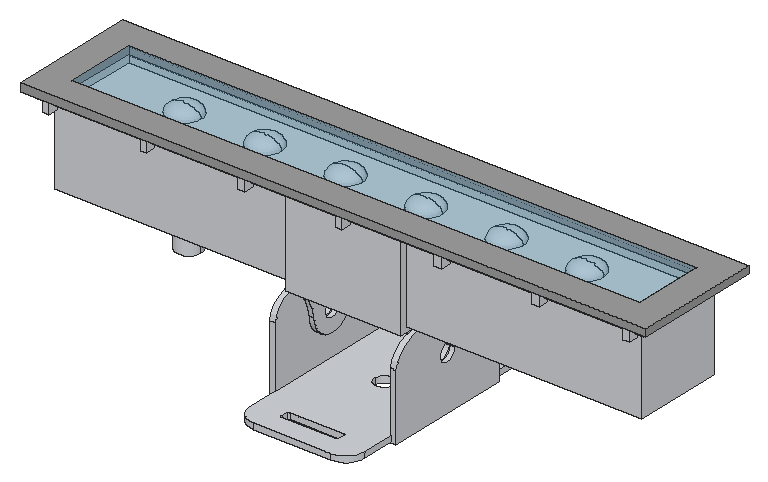
Revit family "POOL SPOT LINEAL 18W_U2418SW.2.30", category Luminarias, Revit 2019
Family settings
  Cota de conector redondo = Diámetro de uso
  Tipo de pieza = Normal
  Se basa en plano de trabajo = Sí
  Siempre vertical = No
  Corte con vacíos al cargar = No
  Origen de luz = Sí
  Compartido = No
  Punto de cálculo de habitación = No
Parameters (values of type "SUB_U2418SW.2.30")
  Ángulo de inclinación = 60.00°
  Ángulo de enfoque = 30.00°
  Ángulo de campo de foco = 30.00°
  Zone [instance] = ""
  Watt per fixture = 22.8
  Wattage = 22.8 W
  built-in parameter 1150107 = 3000 (stored number, unit not read)
  built-in parameter 1150110 = 1 (stored number, unit not read)
  built-in parameter 1150109 = 1 (stored number, unit not read)
  built-in parameter 1150112 = 1 (stored number, unit not read)
  built-in parameter 1150113 = 1 (stored number, unit not read)
  built-in parameter 1114218 = 1 (stored number, unit not read)
  Keynote = ""
  built-in parameter 1150137 = (empty or 0)
  built-in parameter 1150132 = (empty or 0)
  Modelo = "U2418SW.2.30"
  Lámpara = "NICHIA"
  Longitud de símbolo de origen de luz = 500 mm
  Emit from Line Length = 609.6 mm
  built-in parameter 1150105 = 4426.9 (stored number, unit not read)
  built-in parameter 1150102 = (empty or 0)
  built-in parameter 1150106 = 44.269 (stored number, unit not read)
  Lumens = 1324 lm
  Color Filter = 16777215
  built-in parameter 1114217 = 1 (stored number, unit not read)
  built-in parameter 1150139 = (empty or 0)
  Fabricante = "BRILLANT"
  Default Elevation = 0 mm
  built-in parameter 1150104 = 5.3949 (stored number, unit not read)
  Descripción = "LUMINARIA SUB ACUATICA TIPO LINEAL, MIDIENDO 326MM DE LARGO POR 100MM INCLUYENDO ALETA PARA DIRIGIR, ACABADO EN ACERO INOXIDABLE, SELLO EN SILICON Y CUERPO MOLDEADO EN CROMO, 6 LED TIPO NICHIA CON UN CONSUMO TOTAL DE 22.8W, 1324 LUMENES, IP 68, IRC 80, IK 10, SUMERGIBLE MAXIMO 2M, CABLE H05RN DE 3M, APERTURA EN STOCK A 30 GRADOS, ALIMENTADA A 24V. REQUIERE ACCESORIOS."
  built-in parameter 1150115 = 1 (stored number, unit not read)
  built-in parameter 1150114 = 1 (stored number, unit not read)
  Comentarios de vataje = "24V"
  built-in parameter 1150138 = (empty or 0)
  built-in parameter 1150134 = (empty or 0)
  Circuit [instance] = ""
  Dimming Lamp Color Temperature Shift = (empty or 0)
  built-in parameter 1150133 = 10 (stored number, unit not read)
Reference planes
  plane 1 "Centro (Frontal/Posterior)": y = 0
  plane 2: z = 0
  plane 3 "Centro (Izquierda/Derecha)": x = 0
  plane 4: x = -163
  plane 5: x = 163
  plane 6: z = 100
  plane 7: y = 33.5
  plane 8: y = -33.5
  plane 9: y = 28.5
  plane 10: y = -28.5
  plane 11: x = -158
  plane 12: x = 158
  plane 13: y = 23.5
  plane 14: y = -23.5
  plane 15: x = -153
  plane 16: x = 153
  plane 17: x = -30
  plane 18: x = 30
  plane 19: x = 33
  plane 20: x = -33
  plane 21: y = 60
  plane 22: y = -60
  plane 23: z = 3
  plane 24: x = 27
  plane 25: x = -27
  plane 26: x = -102
  plane 27: x = -51
  plane 28: x = 0
  plane 29: x = 51
  plane 30: x = 102
  plane 31: x = 153
  plane 32: x = -148
  plane 33: y = 18.5
  plane 34: y = -18.5
  plane 35: x = 148
  plane 36: x = 105.714
Forms (mm)
  Extrusion 1, solid, material "Aluminio"
    sketch origin (0, 0, 0) x (1, 0, 0) y (0, 1, 0)
      loop
        line (-163, 33.5) -> (-163, -33.5) -> (163, -33.5) -> (163, 33.5) -> (-163, 33.5)
    from 95.844 to 100
  Extrusion 2, solid
    sketch origin (0, 30, 0) x (1, 0, 0) y (0, 1, 0)
      loop
        line (-158, -1.5) -> (-158, -58.5) -> (158, -58.5) -> (158, -1.5) -> (-158, -1.5)
    from 92.128 to 95.844
  Extrusion 3, solid
    sketch origin (0, 31.5, -30) x (1, 0, 0) y (0, 1, 0)
      loop
        line (-153, -8) -> (-153, -55) -> (153, -55) -> (153, -8) -> (-153, -8)
    from 79.683 to 122.128
  Extrusion 4, solid
    sketch origin (0, 0, 0) x (0, 1, 0) y (0, 0, 1)
      loop
        spline (33.5, 34.683) -> (32.359, 38.565) -> (29.012, 42.183) -> (23.688, 45.289) -> (16.75, 47.673) -> (8.67, 49.172) -> (0, 49.683) -> (-8.67, 49.172) -> (-16.75, 47.673) -> (-23.688, 45.289) -> (-29.012, 42.183) -> (-32.359, 38.565) -> (-33.5, 34.683)
        line (-33.5, 34.683) -> (-33.5, 0) -> (33.5, 0) -> (33.5, 34.683)
      loop
        circle (0, 28.752) r 5
    from 30 to 33
  Extrusion 5, solid
    sketch origin (0, 0, 0) x (0, 1, 0) y (0, 0, 1)
      loop
        spline (33.5, 34.683) -> (32.359, 38.565) -> (29.012, 42.183) -> (23.688, 45.289) -> (16.75, 47.673) -> (8.67, 49.172) -> (0, 49.683) -> (-8.67, 49.172) -> (-16.75, 47.673) -> (-23.688, 45.289) -> (-29.012, 42.183) -> (-32.359, 38.565) -> (-33.5, 34.683)
        line (-33.5, 34.683) -> (-33.5, 0) -> (33.5, 0) -> (33.5, 34.683)
      loop
        circle (0, 28.752) r 5
    from -33 to -30
  Extrusion 6, solid
    sketch origin (0, 0, 0) x (1, 0, 0) y (0, 1, 0)
      loop
        arc (-20, 60) -> (-27.071, 57.071) -> (-30, 50) r 10
        line (-30, 50) -> (-30, -50)
        arc (-30, -50) -> (-27.071, -57.071) -> (-20, -60) r 10
        line (-20, -60) -> (20, -60)
        arc (20, -60) -> (27.071, -57.071) -> (30, -50) r 10
        line (30, -50) -> (30, 50)
        arc (30, 50) -> (27.071, 57.071) -> (20, 60) r 10
        line (20, 60) -> (-20, 60)
      loop
        arc (-14.082, 49.167) -> (-14.731, 48.898) -> (-15, 48.249) r 0.918
        line (-15, 48.249) -> (-15, 45.085)
        arc (-15, 45.085) -> (-14.731, 44.436) -> (-14.082, 44.167) r 0.918
        line (-14.082, 44.167) -> (14.082, 44.167)
        arc (14.082, 44.167) -> (14.731, 44.436) -> (15, 45.085) r 0.918
        line (15, 45.085) -> (15, 48.249)
        arc (15, 48.249) -> (14.731, 48.898) -> (14.082, 49.167) r 0.918
        line (14.082, 49.167) -> (-14.082, 49.167)
      loop
        line (-14.082, -49.167) -> (14.082, -49.167)
        arc (14.082, -49.167) -> (14.731, -48.898) -> (15, -48.249) r 0.918
        line (15, -48.249) -> (15, -45.085)
        arc (15, -45.085) -> (14.731, -44.436) -> (14.082, -44.167) r 0.918
        line (14.082, -44.167) -> (-14.082, -44.167)
        arc (-14.082, -44.167) -> (-14.731, -44.436) -> (-15, -45.085) r 0.918
        line (-15, -45.085) -> (-15, -48.249)
        arc (-15, -48.249) -> (-14.731, -48.898) -> (-14.082, -49.167) r 0.918
      loop
        circle (0, 0) r 5
    from 0 to 3
  Extrusion 7, solid
    sketch origin (0, 0, 0) x (0, 1, 0) y (0, 0, 1)
      loop
        line (23.5, 49.683) -> (-23.5, 49.683) -> (-23.5, 46.683)
        arc (-23.5, 46.683) -> (-15.74, 39.006) -> (-12, 28.752) r 24.95
        arc (-12, 28.752) -> (-1.046, 16.798) -> (11.818, 26.668) r 12
        arc (11.818, 26.668) -> (15.194, 38.114) -> (23.5, 46.683) r 24.95
        line (23.5, 46.683) -> (23.5, 49.683)
      loop
        circle (0, 28.752) r 5
    from -30 to -27
  Extrusion 8, solid
    sketch origin (0, 0, 0) x (0, 1, 0) y (0, 0, 1)
      loop
        line (23.5, 49.683) -> (-23.5, 49.683) -> (-23.5, 46.683)
        arc (-23.5, 46.683) -> (-15.74, 39.006) -> (-12, 28.752) r 24.95
        arc (-12, 28.752) -> (-1.046, 16.798) -> (11.818, 26.668) r 12
        arc (11.818, 26.668) -> (15.194, 38.114) -> (23.5, 46.683) r 24.95
        line (23.5, 46.683) -> (23.5, 49.683)
      loop
        circle (0, 28.752) r 5
    from 27 to 30
  Extrusion 9, solid
    sketch origin (0, 0, 0) x (0, 1, 0) y (0, 0, 1)
      loop
        line (26.5, 92.128) -> (23.5, 92.128) -> (23.5, 49.683) -> (-23.5, 49.683) -> (-23.5, 92.128) -> (-26.5, 92.128) -> (-26.5, 46.683) -> (26.5, 46.683) -> (26.5, 92.128)
    from -30 to 30
  Extrusion 10, solid
    sketch origin (0, 0, 0) x (0, 1, 0) y (0, 0, 1)
      loop
        line (-28.5, 95.844) -> (-31.5, 95.844) -> (-31.5, 89.128) -> (-26.5, 89.128) -> (-26.5, 92.128) -> (-28.5, 92.128) -> (-28.5, 95.844)
      loop
        line (28.5, 95.844) -> (28.5, 92.128) -> (26.5, 92.128) -> (26.5, 89.128) -> (31.5, 89.128) -> (31.5, 95.844) -> (28.5, 95.844)
    from -153 to -149.64
  Extrusion 11, solid
    sketch origin (0, 0, 0) x (0, 1, 0) y (0, 0, 1)
      loop
        line (-28.5, 95.844) -> (-31.5, 95.844) -> (-31.5, 89.128) -> (-26.5, 89.128) -> (-26.5, 92.128) -> (-28.5, 92.128) -> (-28.5, 95.844)
      loop
        line (28.5, 95.844) -> (28.5, 92.128) -> (26.5, 92.128) -> (26.5, 89.128) -> (31.5, 89.128) -> (31.5, 95.844) -> (28.5, 95.844)
    from 102 to 106.134
  Extrusion 12, solid
    sketch origin (0, 0, 0) x (0, 1, 0) y (0, 0, 1)
      loop
        line (-28.5, 95.844) -> (-31.5, 95.844) -> (-31.5, 89.128) -> (-26.5, 89.128) -> (-26.5, 92.128) -> (-28.5, 92.128) -> (-28.5, 95.844)
      loop
        line (28.5, 95.844) -> (28.5, 92.128) -> (26.5, 92.128) -> (26.5, 89.128) -> (31.5, 89.128) -> (31.5, 95.844) -> (28.5, 95.844)
    from 51 to 55.205
  Extrusion 13, solid
    sketch origin (0, 0, 0) x (0, 1, 0) y (0, 0, 1)
      loop
        line (-28.5, 95.844) -> (-31.5, 95.844) -> (-31.5, 89.128) -> (-26.5, 89.128) -> (-26.5, 92.128) -> (-28.5, 92.128) -> (-28.5, 95.844)
      loop
        line (28.5, 95.844) -> (28.5, 92.128) -> (26.5, 92.128) -> (26.5, 89.128) -> (31.5, 89.128) -> (31.5, 95.844) -> (28.5, 95.844)
    from 0 to 3.249
  Extrusion 14, solid
    sketch origin (0, 0, 0) x (0, 1, 0) y (0, 0, 1)
      loop
        line (-28.5, 95.844) -> (-31.5, 95.844) -> (-31.5, 89.128) -> (-26.5, 89.128) -> (-26.5, 92.128) -> (-28.5, 92.128) -> (-28.5, 95.844)
      loop
        line (28.5, 95.844) -> (28.5, 92.128) -> (26.5, 92.128) -> (26.5, 89.128) -> (31.5, 89.128) -> (31.5, 95.844) -> (28.5, 95.844)
    from -51 to -47.362
  Extrusion 15, solid
    sketch origin (0, 0, 0) x (0, 1, 0) y (0, 0, 1)
      loop
        line (-28.5, 95.844) -> (-31.5, 95.844) -> (-31.5, 89.128) -> (-26.5, 89.128) -> (-26.5, 92.128) -> (-28.5, 92.128) -> (-28.5, 95.844)
      loop
        line (28.5, 95.844) -> (28.5, 92.128) -> (26.5, 92.128) -> (26.5, 89.128) -> (31.5, 89.128) -> (31.5, 95.844) -> (28.5, 95.844)
    from -102 to -98.888
  Extrusion 16, solid
    sketch origin (0, 0, 0) x (0, 1, 0) y (0, 0, 1)
      loop
        line (-28.5, 95.844) -> (-31.5, 95.844) -> (-31.5, 89.128) -> (-26.5, 89.128) -> (-26.5, 92.128) -> (-28.5, 92.128) -> (-28.5, 95.844)
      loop
        line (28.5, 95.844) -> (28.5, 92.128) -> (26.5, 92.128) -> (26.5, 89.128) -> (31.5, 89.128) -> (31.5, 95.844) -> (28.5, 95.844)
    from 149.634 to 153
  Extrusion 17, void
    sketch origin (0, 0, 0) x (1, 0, 0) y (0, 1, 0)
      loop
        line (-148, -18.5) -> (148, -18.5) -> (148, 18.5) -> (-148, 18.5) -> (-148, -18.5)
    from 84.333 to 100
  Extrusion 18, solid, material "Cristal"
    sketch origin (0, 0, 0) x (1, 0, 0) y (0, 1, 0)
      loop
        line (-148, 18.5) -> (-148, -18.5) -> (148, -18.5) -> (148, 18.5) -> (-148, 18.5)
    from 98.768 to 100
  Revolve 19, solid
    sketch origin (0, 0, 0) x (1, 0, 0) y (0, 0, 1)
      loop
        line (105.714, 97.128) -> (105.714, 92.128) -> (114.371, 92.128)
        spline (114.371, 92.128) -> (114.297, 92.781) -> (114.076, 93.422) -> (113.712, 94.042) -> (113.211, 94.628) -> (112.582, 95.172) -> (111.835, 95.664) -> (110.984, 96.095) -> (110.043, 96.458) -> (109.027, 96.748) -> (107.955, 96.958) -> (106.844, 97.085) -> (105.714, 97.128)
      axis (105.714, 92.128) -> (105.714, 97.128)
    angle from 0 to 360
  Revolve 20, solid
    sketch origin (-42, 0, 0) x (1, 0, 0) y (0, 0, 1)
      loop
        line (105.714, 97.128) -> (105.714, 92.128) -> (114.371, 92.128)
        spline (114.371, 92.128) -> (114.297, 92.781) -> (114.076, 93.422) -> (113.712, 94.042) -> (113.211, 94.628) -> (112.582, 95.172) -> (111.835, 95.664) -> (110.984, 96.095) -> (110.043, 96.458) -> (109.027, 96.748) -> (107.955, 96.958) -> (106.844, 97.085) -> (105.714, 97.128)
      axis (105.714, 92.128) -> (105.714, 97.128)
    angle from 0 to 360
  Revolve 21, solid
    sketch origin (-84, 0, 0) x (1, 0, 0) y (0, 0, 1)
      loop
        line (105.714, 97.128) -> (105.714, 92.128) -> (114.371, 92.128)
        spline (114.371, 92.128) -> (114.297, 92.781) -> (114.076, 93.422) -> (113.712, 94.042) -> (113.211, 94.628) -> (112.582, 95.172) -> (111.835, 95.664) -> (110.984, 96.095) -> (110.043, 96.458) -> (109.027, 96.748) -> (107.955, 96.958) -> (106.844, 97.085) -> (105.714, 97.128)
      axis (105.714, 92.128) -> (105.714, 97.128)
    angle from 0 to 360
  Revolve 22, solid
    sketch origin (-126, 0, 0) x (1, 0, 0) y (0, 0, 1)
      loop
        line (105.714, 97.128) -> (105.714, 92.128) -> (114.371, 92.128)
        spline (114.371, 92.128) -> (114.297, 92.781) -> (114.076, 93.422) -> (113.712, 94.042) -> (113.211, 94.628) -> (112.582, 95.172) -> (111.835, 95.664) -> (110.984, 96.095) -> (110.043, 96.458) -> (109.027, 96.748) -> (107.955, 96.958) -> (106.844, 97.085) -> (105.714, 97.128)
      axis (105.714, 92.128) -> (105.714, 97.128)
    angle from 0 to 360
  Revolve 23, solid
    sketch origin (-168, 0, 0) x (1, 0, 0) y (0, 0, 1)
      loop
        line (105.714, 97.128) -> (105.714, 92.128) -> (114.371, 92.128)
        spline (114.371, 92.128) -> (114.297, 92.781) -> (114.076, 93.422) -> (113.712, 94.042) -> (113.211, 94.628) -> (112.582, 95.172) -> (111.835, 95.664) -> (110.984, 96.095) -> (110.043, 96.458) -> (109.027, 96.748) -> (107.955, 96.958) -> (106.844, 97.085) -> (105.714, 97.128)
      axis (105.714, 92.128) -> (105.714, 97.128)
    angle from 0 to 360
  Revolve 24, solid
    sketch origin (-210, 0, 0) x (1, 0, 0) y (0, 0, 1)
      loop
        line (105.714, 97.128) -> (105.714, 92.128) -> (114.371, 92.128)
        spline (114.371, 92.128) -> (114.297, 92.781) -> (114.076, 93.422) -> (113.712, 94.042) -> (113.211, 94.628) -> (112.582, 95.172) -> (111.835, 95.664) -> (110.984, 96.095) -> (110.043, 96.458) -> (109.027, 96.748) -> (107.955, 96.958) -> (106.844, 97.085) -> (105.714, 97.128)
      axis (105.714, 92.128) -> (105.714, 97.128)
    angle from 0 to 360
  Extrusion 25, solid
    sketch origin (0, 0, 0) x (1, 0, 0) y (0, 1, 0)
      loop
        circle (-102, 0) r 7.477
    from 44.739 to 49.683
  Extrusion 26, solid
    sketch origin (0, 0, 0) x (1, 0, 0) y (0, 1, 0)
      loop
        line (-102, 7.477) -> (-108.476, 3.739) -> (-108.476, -3.739) -> (-102, -7.477) -> (-95.524, -3.739) -> (-95.524, 3.739) -> (-102, 7.477)
    from 39.626 to 44.739
  Extrusion 27, solid
    sketch origin (0, 0, 0) x (1, 0, 0) y (0, 1, 0)
      loop
        circle (-102, 0) r 6.476
    from 29.65 to 39.626
Cuts and joins
  Extrusion 17 cuts Extrusion 4
  Extrusion 17 cuts Extrusion 5
  Extrusion 17 cuts Extrusion 6
  Extrusion 17 cuts Extrusion 1
  Extrusion 17 cuts Extrusion 2
Dimensions and locks
  equal spacing: plane 4, plane 3 "Centro (Izquierda/Derecha)", plane 5
  plane 4 to plane 5 = 326 mm
  plane 4 to plane 3 "Centro (Izquierda/Derecha)" = 163 mm
  plane 6 to plane 2 = 100 mm
  plane 7 to plane 1 "Centro (Frontal/Posterior)" = 33.5 mm
  equal spacing: plane 7, plane 1 "Centro (Frontal/Posterior)", plane 8
  plane 7 to plane 8 = 67 mm
  plane 7 to plane 9 = 5 mm
  plane 10 to plane 8 = 5 mm
  plane 4 to plane 11 = 5 mm
  plane 12 to plane 5 = 5 mm
  plane 6 to level = 100 mm
  plane 9 to plane 13 = 5 mm
  plane 14 to plane 10 = 5 mm
  plane 6 to Extrusion 3 = 50.317 mm
  plane 11 to plane 15 = 5 mm
  plane 16 to plane 12 = 5 mm
  plane 17 to plane 3 "Centro (Izquierda/Derecha)" = 30 mm
  plane 20 to plane 17 = 3 mm
  plane 3 "Centro (Izquierda/Derecha)" to plane 18 = 30 mm
  plane 18 to plane 19 = 3 mm
  equal spacing: plane 21, plane 1 "Centro (Frontal/Posterior)", plane 22
  plane 1 "Centro (Frontal/Posterior)" to plane 21 = 60 mm
  plane 21 to plane 22 = 120 mm
  plane 23 to level = 3 mm
  plane 17 to plane 25 = 3 mm
  plane 24 to plane 18 = 3 mm
  Extrusion 3 to Extrusion 3 = 306 mm
  plane 31 to plane 30 to plane 29 to plane 28 to plane 27 to plane 26 to plane 15 = 51 mm, 51 mm, 51 mm, 51 mm, 51 mm, 51 mm
  Extrusion 11 to plane 6 = 4.156 mm
  Extrusion 1 to plane 32 = 15 mm
  Extrusion 1 to plane 34 = 15 mm
  Extrusion 1 to plane 33 = 15 mm
  plane 35 to Extrusion 1 = 15 mm
  plane 35 to plane 32 = 296 mm
  plane 35 to plane 36 = 42.286 mm
  aligned and locked: level to plane 2
  aligned and locked: plane 6 to Extrusion 1
  aligned and locked: plane 8 to Extrusion 1
  aligned and locked: Extrusion 2 to plane 9
  aligned and locked: plane 10 to Extrusion 2
  aligned and locked: Extrusion 2 to plane 11
  aligned and locked: plane 12 to Extrusion 2
  aligned and locked: Extrusion 3 to Extrusion 2
  aligned and locked: Extrusion 3 to plane 15
  aligned and locked: plane 16 to Extrusion 3
  aligned and locked: Extrusion 3 to plane 13
  aligned and locked: plane 17 to Extrusion 5
  aligned and locked: Extrusion 5 to plane 20
  aligned and locked: Extrusion 4 to plane 18
  aligned and locked: Extrusion 6 sketch curve to plane 21
  aligned and locked: plane 22 to Extrusion 6 sketch curve
  aligned and locked: Extrusion 6 sketch curve to plane 18
  aligned and locked: plane 17 to Extrusion 6 sketch curve
  aligned and locked: Extrusion 5 to level
  aligned and locked: Extrusion 4 to level
  aligned and locked: plane 23 to Extrusion 6
  aligned and locked: plane 19 to Extrusion 4
  aligned and locked: Extrusion 8 to Extrusion 4
  aligned and locked: Extrusion 8 to plane 24
  aligned and locked: Extrusion 7 to Extrusion 5
  aligned and locked: Extrusion 7 to plane 25
  aligned and locked: Extrusion 17 sketch curve to plane 34
  aligned and locked: Extrusion 17 sketch curve to plane 32
  aligned and locked: Extrusion 17 sketch curve to plane 33
  aligned and locked: plane 35 to Extrusion 17 sketch curve
  aligned and locked: Extrusion 18 sketch curve to cut or joined group of Extrusion 1, Extrusion 17  (x4)
  aligned and locked: plane 6 to Extrusion 18
Automatic sketch dimensions
  Extrusion 1 sketch curve to plane 4 = 0 mm
  Extrusion 1 sketch curve to plane 5 = 0 mm
  plane 8 to Extrusion 1 sketch curve = 0 mm
  plane 7 to Extrusion 1 sketch curve = 0 mm
  plane 10 to Extrusion 2 sketch curve = 0 mm
  Extrusion 2 sketch curve to plane 11 = 0 mm
  Extrusion 2 sketch curve to plane 12 = 0 mm
  plane 9 to Extrusion 2 sketch curve = 0 mm
  plane 14 to Extrusion 3 sketch curve = 0 mm
  Extrusion 3 sketch curve to plane 15 = 0 mm
  Extrusion 3 sketch curve to plane 16 = 0 mm
  plane 13 to Extrusion 3 sketch curve = 0 mm
  Extrusion 4 sketch curve to plane 8 = 0 mm
  Extrusion 4 sketch curve to plane 1 "Centro (Frontal/Posterior)" = 0 mm  (x2)
  Extrusion 4 sketch curve to level = 0 mm
  plane 23 to Extrusion 4 sketch curve = 25.752 mm
  plane 23 to Extrusion 4 sketch curve = 31.683 mm
  Extrusion 5 sketch curve to plane 8 = 0 mm
  Extrusion 5 sketch curve to plane 1 "Centro (Frontal/Posterior)" = 0 mm  (x2)
  Extrusion 5 sketch curve to level = 0 mm
  plane 23 to Extrusion 5 sketch curve = 25.752 mm
  plane 23 to Extrusion 5 sketch curve = 31.683 mm
  plane 1 "Centro (Frontal/Posterior)" to Extrusion 6 sketch curve = 0 mm
  Extrusion 6 sketch curve to plane 3 "Centro (Izquierda/Derecha)" = 0 mm
  plane 25 to Extrusion 6 sketch curve = 7 mm  (x2)
  Extrusion 6 sketch curve to Extrusion 6 sketch curve = 5 mm  (x2)
  Extrusion 6 sketch curve to Extrusion 6 sketch curve = 0.918 mm  (x6)
  Extrusion 6 sketch curve to plane 24 = 12.918 mm  (x2)
  Extrusion 6 sketch curve to Extrusion 6 sketch curve = 0 mm  (x2)
  Extrusion 6 sketch curve to plane 24 = 7 mm  (x2)
  Extrusion 6 sketch curve to Extrusion 6 sketch curve = 0.833 mm
  Extrusion 6 sketch curve to Extrusion 6 sketch curve = 3.165 mm  (x2)
  Extrusion 6 sketch curve to Extrusion 6 sketch curve = 5.833 mm
  Extrusion 7 sketch curve to Extrusion 7 sketch curve = 0 mm  (x2)
  Extrusion 7 sketch curve to plane 14 = 0 mm
  Extrusion 7 sketch curve to plane 1 "Centro (Frontal/Posterior)" = 0 mm
  Extrusion 7 sketch curve to plane 13 = 0 mm
  plane 8 to Extrusion 7 sketch curve = 3.242 mm
  Extrusion 7 sketch curve to plane 7 = 3.242 mm
  plane 23 to Extrusion 7 sketch curve = 22.537 mm  (x2)
  plane 23 to Extrusion 7 sketch curve = 25.752 mm
  Extrusion 7 sketch curve to Extrusion 7 sketch curve = 21.146 mm
  Extrusion 7 sketch curve to Extrusion 7 sketch curve = 17.93 mm
  Extrusion 7 sketch curve to Extrusion 7 sketch curve = 3 mm
  Extrusion 8 sketch curve to Extrusion 8 sketch curve = 0 mm  (x2)
  Extrusion 8 sketch curve to plane 14 = 0 mm
  Extrusion 8 sketch curve to plane 1 "Centro (Frontal/Posterior)" = 0 mm
  Extrusion 8 sketch curve to plane 13 = 0 mm
  plane 8 to Extrusion 8 sketch curve = 3.242 mm
  Extrusion 8 sketch curve to plane 7 = 3.242 mm
  plane 23 to Extrusion 8 sketch curve = 22.537 mm  (x2)
  plane 23 to Extrusion 8 sketch curve = 25.752 mm
  Extrusion 8 sketch curve to Extrusion 8 sketch curve = 21.146 mm
  Extrusion 8 sketch curve to Extrusion 8 sketch curve = 17.93 mm
  Extrusion 8 sketch curve to Extrusion 8 sketch curve = 3 mm
  Extrusion 9 sketch curve to plane 14 = 0 mm
  Extrusion 9 sketch curve to plane 13 = 0 mm
  Extrusion 9 sketch curve to plane 10 = 2 mm
  plane 9 to Extrusion 9 sketch curve = 2 mm
  plane 23 to Extrusion 9 sketch curve = 43.683 mm
  Extrusion 9 sketch curve to Extrusion 9 sketch curve = 3 mm
  Extrusion 9 sketch curve to plane 6 = 7.872 mm  (x2)
  Extrusion 10 sketch curve to plane 10 = 0 mm
  Extrusion 10 sketch curve to plane 9 = 0 mm
  Extrusion 10 sketch curve to plane 8 = 2 mm
  Extrusion 10 sketch curve to plane 10 = 2 mm
  Extrusion 10 sketch curve to Extrusion 10 sketch curve = 2 mm
  plane 7 to Extrusion 10 sketch curve = 2 mm
  Extrusion 10 sketch curve to plane 6 = 10.872 mm  (x2)
  Extrusion 10 sketch curve to Extrusion 10 sketch curve = 3 mm  (x2)
  Extrusion 10 sketch curve to Extrusion 10 sketch curve = 3.715 mm
  Extrusion 10 sketch curve to plane 6 = 4.156 mm
  Extrusion 11 sketch curve to plane 10 = 0 mm
  Extrusion 11 sketch curve to plane 9 = 0 mm
  Extrusion 11 sketch curve to plane 8 = 2 mm
  Extrusion 11 sketch curve to plane 10 = 2 mm
  Extrusion 11 sketch curve to Extrusion 11 sketch curve = 2 mm
  plane 7 to Extrusion 11 sketch curve = 2 mm
  Extrusion 11 sketch curve to plane 6 = 10.872 mm  (x2)
  Extrusion 11 sketch curve to Extrusion 11 sketch curve = 3 mm  (x2)
  Extrusion 11 sketch curve to Extrusion 11 sketch curve = 3.715 mm
  Extrusion 11 sketch curve to plane 6 = 4.156 mm
  Extrusion 12 sketch curve to plane 10 = 0 mm
  Extrusion 12 sketch curve to plane 9 = 0 mm
  Extrusion 12 sketch curve to plane 8 = 2 mm
  Extrusion 12 sketch curve to plane 10 = 2 mm
  Extrusion 12 sketch curve to Extrusion 12 sketch curve = 2 mm
  plane 7 to Extrusion 12 sketch curve = 2 mm
  Extrusion 12 sketch curve to plane 6 = 10.872 mm  (x2)
  Extrusion 12 sketch curve to Extrusion 12 sketch curve = 3 mm  (x2)
  Extrusion 12 sketch curve to Extrusion 12 sketch curve = 3.715 mm
  Extrusion 12 sketch curve to plane 6 = 4.156 mm
  Extrusion 13 sketch curve to plane 10 = 0 mm
  Extrusion 13 sketch curve to plane 9 = 0 mm
  Extrusion 13 sketch curve to plane 8 = 2 mm
  Extrusion 13 sketch curve to plane 10 = 2 mm
  Extrusion 13 sketch curve to Extrusion 13 sketch curve = 2 mm
  plane 7 to Extrusion 13 sketch curve = 2 mm
  Extrusion 13 sketch curve to plane 6 = 10.872 mm  (x2)
  Extrusion 13 sketch curve to Extrusion 13 sketch curve = 3 mm  (x2)
  Extrusion 13 sketch curve to Extrusion 13 sketch curve = 3.715 mm
  Extrusion 13 sketch curve to plane 6 = 4.156 mm
  Extrusion 14 sketch curve to plane 10 = 0 mm
  Extrusion 14 sketch curve to plane 9 = 0 mm
  Extrusion 14 sketch curve to plane 8 = 2 mm
  Extrusion 14 sketch curve to plane 10 = 2 mm
  Extrusion 14 sketch curve to Extrusion 14 sketch curve = 2 mm
  plane 7 to Extrusion 14 sketch curve = 2 mm
  Extrusion 14 sketch curve to plane 6 = 10.872 mm  (x2)
  Extrusion 14 sketch curve to Extrusion 14 sketch curve = 3 mm  (x2)
  Extrusion 14 sketch curve to Extrusion 14 sketch curve = 3.715 mm
  Extrusion 14 sketch curve to plane 6 = 4.156 mm
  Extrusion 15 sketch curve to plane 10 = 0 mm
  Extrusion 15 sketch curve to plane 9 = 0 mm
  Extrusion 15 sketch curve to plane 8 = 2 mm
  Extrusion 15 sketch curve to plane 10 = 2 mm
  Extrusion 15 sketch curve to Extrusion 15 sketch curve = 2 mm
  plane 7 to Extrusion 15 sketch curve = 2 mm
  Extrusion 15 sketch curve to plane 6 = 10.872 mm  (x2)
  Extrusion 15 sketch curve to Extrusion 15 sketch curve = 3 mm  (x2)
  Extrusion 15 sketch curve to Extrusion 15 sketch curve = 3.715 mm
  Extrusion 15 sketch curve to plane 6 = 4.156 mm
  Extrusion 16 sketch curve to plane 10 = 0 mm
  Extrusion 16 sketch curve to plane 9 = 0 mm
  Extrusion 16 sketch curve to plane 8 = 2 mm
  Extrusion 16 sketch curve to plane 10 = 2 mm
  Extrusion 16 sketch curve to Extrusion 16 sketch curve = 2 mm
  plane 7 to Extrusion 16 sketch curve = 2 mm
  Extrusion 16 sketch curve to plane 6 = 10.872 mm  (x2)
  Extrusion 16 sketch curve to Extrusion 16 sketch curve = 3 mm  (x2)
  Extrusion 16 sketch curve to Extrusion 16 sketch curve = 3.715 mm
  Extrusion 16 sketch curve to plane 6 = 4.156 mm
  Revolve 19 sketch curve to plane 36 = 0 mm  (x2)
  Revolve 19 sketch curve to plane 6 = 2.872 mm
  Revolve 19 sketch curve to plane 30 = 4.942 mm
  Revolve 19 sketch curve to Revolve 19 sketch curve = 0 mm  (x2)
  Revolve 19 sketch curve to Revolve 19 sketch curve = 5 mm
  plane 6 to Revolve 19 sketch curve = 14.016 mm
  Revolve 20 sketch curve to plane 6 = 2.872 mm
  plane 29 to Revolve 20 sketch curve = 12.714 mm
  Revolve 20 sketch curve to Revolve 20 sketch curve = 0 mm  (x3)
  plane 29 to Revolve 20 sketch curve = 4.058 mm
  Revolve 20 sketch curve to Revolve 20 sketch curve = 5 mm
  plane 6 to Revolve 20 sketch curve = 14.016 mm
  Revolve 21 sketch curve to plane 24 = 5.286 mm
  Revolve 21 sketch curve to plane 6 = 2.872 mm
  Revolve 21 sketch curve to Revolve 21 sketch curve = 0 mm  (x3)
  Revolve 21 sketch curve to Revolve 21 sketch curve = 8.657 mm
  Revolve 21 sketch curve to Revolve 21 sketch curve = 5 mm
  plane 6 to Revolve 21 sketch curve = 14.016 mm
  Revolve 22 sketch curve to plane 6 = 2.872 mm
  plane 25 to Revolve 22 sketch curve = 6.714 mm
  Revolve 22 sketch curve to Revolve 22 sketch curve = 0 mm  (x3)
  plane 17 to Revolve 22 sketch curve = 1.058 mm
  Revolve 22 sketch curve to Revolve 22 sketch curve = 5 mm
  plane 6 to Revolve 22 sketch curve = 14.016 mm
  Revolve 23 sketch curve to plane 6 = 2.872 mm
  Revolve 23 sketch curve to plane 27 = 11.286 mm
  Revolve 23 sketch curve to Revolve 23 sketch curve = 0 mm  (x3)
  Revolve 23 sketch curve to Revolve 23 sketch curve = 8.657 mm
  Revolve 23 sketch curve to Revolve 23 sketch curve = 5 mm
  plane 6 to Revolve 23 sketch curve = 14.016 mm
  Revolve 24 sketch curve to plane 26 = 2.286 mm
  Revolve 24 sketch curve to plane 6 = 2.872 mm
  Revolve 24 sketch curve to Revolve 24 sketch curve = 0 mm  (x3)
  Revolve 24 sketch curve to Revolve 24 sketch curve = 8.657 mm
  Revolve 24 sketch curve to Revolve 24 sketch curve = 5 mm
  plane 6 to Revolve 24 sketch curve = 14.016 mm
  plane 1 "Centro (Frontal/Posterior)" to Extrusion 25 sketch curve = 0 mm
  Extrusion 25 sketch curve to plane 26 = 0 mm
  plane 1 "Centro (Frontal/Posterior)" to Extrusion 27 sketch curve = 0 mm
  Extrusion 27 sketch curve to plane 26 = 0 mm
  radius of Extrusion 4 sketch curve = 5 mm
  radius of Extrusion 5 sketch curve = 5 mm
  radius of Extrusion 6 sketch curve = 5 mm
  radius of Extrusion 7 sketch curve = 5 mm
  radius of Extrusion 8 sketch curve = 5 mm
  radius of Extrusion 25 sketch curve = 7.477 mm
  radius of Extrusion 27 sketch curve = 6.476 mm
Connectors
  electrical at (-102, 0, 29.65)
    settings: on Extrusion 27, index 1, voltage 24 V, apparent load 0 VA, apparent load phase1 0 VA, apparent load phase2 0 VA, apparent load phase3 0 VA, power factor 1, load classification "Otro", number of poles 1, system type 31, power factor state 1, is connector primary yes, connector utility no, sub classification motor no, connector description ""
